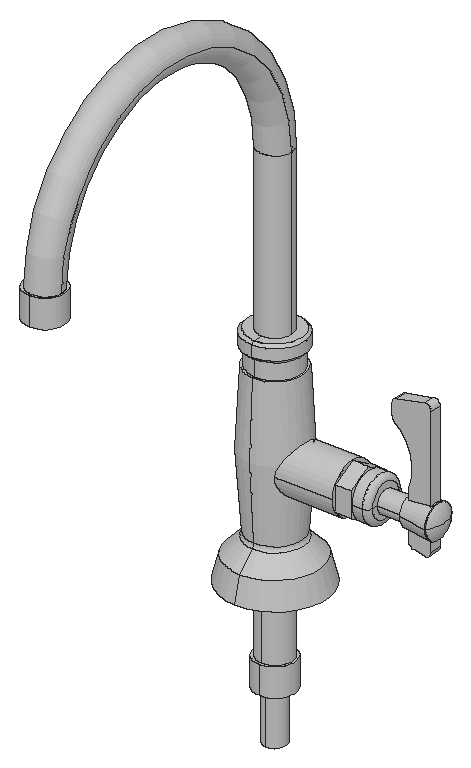
Revit family "Krowne_16-203L_DeckMount_Faucet", category Plumbing Fixtures, Revit 2018
Family settings
  Round Connector Dimension = Use Diameter
  Part Type = Normal
  OmniClass Number = 23.40.40.00
  OmniClass Title = Food Service Equipment and Furnishings
  Work Plane-Based = No
  Always vertical = Yes
  Cut with Voids When Loaded = No
  Shared = No
  Room Calculation Point = No
Parameters (values of type "DefaultType")
  Width = 4 5/8"
  Weight in Pounds = 5
  Watermarked By = ""
  Waste Water Discharge Temperature [instance] = -459.67 °F
  URL Cutsheet = ""
  URL = "https://krowne.com/"
  Status [instance] = ""
  Specification by User [instance] = ""
  Specification by Manufacturer [instance] = ""
  Serial Number [instance] = ""
  Revision Code [instance] = ""
  Plumbing Remarks [instance] = ""
  Plumbing Connection Type = ""
  NAFEM Spec ID Number [instance] = ""
  Model = "16-203L"
  Masterspec [instance] = ""
  Manufacturer = "Krowne Metal"
  KCLRef = "KCL2C9,,0004c5a9-0000-0000-0000-000000000307,KR,16-203L ,637255771799096115,796f822f-ef88-457f-ad7b-e13288d376ed,3f9bf8f3-8d2c-4f70-8f4c-d8dcbb9fa4d6"
  KCL SpecSheet URL = "http://kclweb.kclcad.com/imagehandler.ashx?kdoc=16-2xxl&R=KR&M=16-203L%20&VC=7&TID=KCLWeb&T=doc"
  Item Number [instance] = "-"
  Installed By [instance] = ""
  Hot Water Temperature = 100 °F
  Height = 3 3/8"
  Furnished By [instance] = ""
  Foodservice Equipment Identifier = yes
  Description = "Deck Mount Faucet"
  Depth = 4 7/16"
  Cold Water Temperature Recommended = -459.67 °F
  Cold Water Size = 1/2"
  Cold Water RI Height [instance] = 0"
  Cold Water Minimum Pressure = 0.00 psi
  Cold Water Maximum Pressure = 0.00 psi
  Cold Water Flow = 1.8 GPM
  Cold Water Consumption = ""
  Cold Water Connection Height = 0"
  CSI MasterFormat = ""
  Assembly Code = "E1090300"
Reference planes (in)
  plane 1 "BACK": y = 0.1875
  plane 2: z = 0
  plane 3 "LEFT": x = -13.69073
  plane 4 "CENTER L/R": x = -12.56573
  plane 5: y = -0.9375
  plane 6: z = 12.4375
  plane 7 "Faucet Lip": z = 8.1875
  plane 8: y = -7.4375
  plane 9: z = 5.125
  plane 10: x = -8.87823
Forms (in)
  Extrusion 1, solid, material "QF_Stainless-Polished"
    sketch origin (0, 0, 8.1875) x (0, 1, 0) y (-1, 0, 0)
      loop
        circle (-7.4375, 12.56573) r 0.375
      loop
        circle (-7.4375, 12.56573) r 0.4375
    from 0 to 0.625
  Sweep 2, solid, material "QF_Stainless-Polished"
    path origin (-12.56573, 0, 0) x (0, 1, 0) y (0, 0, 1)
      loop
        line (-0.9375, 5.125) -> (-0.9375, 8.8125)
        arc (-0.9375, 8.8125) -> (-4.1875, 12.0625) -> (-7.4375, 8.8125) r 3.25
        line (-7.4375, 8.8125) -> (-7.4375, 8.1875)
    profile origin (-12.56573, -0.9375, 6.96875) x (0, -1, 0) y (1, 0, 0)
      loop
        circle (0, 0) r 0.375
Lines and regions (in)
  symbolic lines
    curve 1: arc (-12.56573, -1.3125, 0) -> (-12.94073, -0.9375, 0) -> (-12.56573, -0.5625, 0) r 0.375
    curve 2: arc (-12.56573, -0.5625, 0) -> (-12.19073, -0.9375, 0) -> (-12.56573, -1.3125, 0) r 0.375
    curve 3: arc (-12.94073, -7.4375, 0) -> (-12.83089, -7.70267, 0) -> (-12.56573, -7.8125, 0) r 0.375
    curve 4: arc (-12.56573, -7.8125, 0) -> (-12.30056, -7.70267, 0) -> (-12.19073, -7.4375, 0) r 0.375
    curve 5: line (-12.94073, -7.4375, 0) -> (-12.94073, -0.9375, 0)
    curve 6: line (-12.19073, -0.9375, 0) -> (-12.19073, -7.4375, 0)
Dimensions and locks (in)
  plane 8 to plane 5 = 6 1/2"
  plane 7 "Faucet Lip" to plane 9 = 3 1/16"
  plane 5 to plane 1 "BACK" = 1 1/8"
  plane 6 to plane 9 = 7 5/16"
  plane 3 "LEFT" to plane 10 = 4 13/16"
  aligned and locked: level to plane 2
  aligned and locked: plane 5 to nested 1
  aligned and locked: Sweep 2 sketch curve to plane 8
Nested families (in)
  nested 1: "QF_Krowne_16-2_Body" at (-0.1875, 0.1875, 0), type "QF_Krowne_16-2_Body"
Connectors (in)
  piping at (-12.56573, -0.9375, -3.25), diameter 0.5, driven by "Cold Water Flow", driven by "Cold Water Size"
    settings: on nested 1, index 1, connector inside diameter 24", connector length 0", flow factor 0, pipe flow 1.8 GPM, pressure drop 0.00 psi, fitting loss kfactor 0, connector angle 0.00°, fixture units 0, engagement length 0", angle of deflection 0.00°, flow configuration 1, flow direction 1, fitting loss method 0, system type 20, joint type 0, gender type 0, connector reference index -1, connector utility 0, adjustable connector no, is connector primary yes, connector description ""
Definition of nested family "QF_Krowne_16-2_Body"
  Parameters (values of type "QF_Krowne_16-2_Body")
    Width = 2 1/4"
    Watermarked By = ""
    Height = 3 7/8"
    Description = ""
    Depth = 2 1/4"
  Reference planes (in)
    plane 1 "BACK": y = 0
    plane 2: z = 0
    plane 3 "LEFT": x = -13.50323
    plane 4 "RIGHT": x = -11.25323
    plane 5 "Center": x = -12.37823
    plane 6 "FRONT": y = -2.25
    plane 7 "Faucet Handle Center": y = -1.125
    plane 8: z = 4.375
    plane 9: z = 4.75
    plane 10 "TOP": z = 5.125
    plane 11: z = 2.5
    plane 12: x = -10.56573
    plane 13: x = -8.69073
  Forms (in)
    Revolve 1, solid
      sketch origin (-12.37823, 0, 0) x (0, 1, 0) y (0, 0, 1)
        loop
          line (-1.125, 0) -> (0, 0) -> (-0.13978, 0.55911) -> (-0.49693, 0.91626)
          arc (-0.49693, 0.91626) -> (-0.5271, 0.96505) -> (-0.5323, 1.02217) r 0.125
          arc (-0.5323, 1.02217) -> (-0.40613, 2.69753) -> (-0.5, 4.375) r 12.82782
          line (-0.5, 4.375) -> (-1.125, 4.375) -> (-1.125, 0)
        axis (-1.125, 0) -> (-1.125, 4.375)
      angle from 0 to 360
    Revolve 2, solid
      sketch origin (-12.37823, 0, 0) x (0, 1, 0) y (0, 0, 1)
        loop
          line (-1.125, 5.125) -> (-1.125, 4.375) -> (-0.5625, 4.375) -> (-0.5625, 4.75) -> (-0.53067, 4.75) -> (-0.46817, 4.8125) -> (-0.46817, 5.0625) -> (-0.53067, 5.125) -> (-1.125, 5.125)
        axis (-1.125, 4.375) -> (-1.125, 5.125)
      angle from 0 to 360
    Extrusion 3, solid
      sketch origin (-12.37823, 0, 0) x (0, 1, 0) y (0, 0, 1)
        loop
          circle (-1.125, 2.5) r 0.5625
      from 0 to 1.75
    Revolve 4, solid
      sketch origin (-12.37823, 0, 0) x (0, 1, 0) y (0, 0, 1)
        loop
          line (-1.125, 0) -> (-1.125, -3.0198) -> (-0.9375, -3.0198) -> (-0.9375, -3.25) -> (-0.875, -3.25) -> (-0.875, -2.125) -> (-0.6875, -2.125) -> (-0.6875, -1.5) -> (-0.75, -1.5) -> (-0.75, 0) -> (-1.125, 0)
        axis (-1.125, 0) -> (-1.125, -3.25)
      angle from 0 to 360
  Lines and regions (in)
    symbolic lines
      curve 1: line (-10.62823, -0.5625, 1.0625) -> (-10.62823, -1.6875, 1.0625)
      curve 2: circle (-12.37823, -1.125, 0) r 1.125 normal (0, 0, 1)
      curve 3: circle (-12.37823, -1.125, 0) r 0.75 normal (0, 0, 1)
      curve 4: circle (-12.37823, -1.125, 0) r 0.59433 normal (0, 0, 1)
      curve 5: line (-10.62823, -0.5625, 0) -> (-11.40395, -0.5625, 0)
      curve 6: line (-10.62823, -1.6875, 0) -> (-11.40395, -1.6875, 0)
  Dimensions and locks (in)
    "Width": plane 3 "LEFT" to plane 4 "RIGHT"
    equal spacing: plane 3 "LEFT", plane 5 "Center", plane 4 "RIGHT"
    equal spacing: plane 6 "FRONT", plane 7 "Faucet Handle Center", plane 1 "BACK"
    "Depth": plane 6 "FRONT" to plane 1 "BACK"
    equal spacing: plane 10 "TOP", plane 9, plane 8
    locked: plane 10 "TOP" to plane 8 at 0.75
    plane 10 "TOP" to level = 5 1/8"
    plane 11 to level = 2 1/2"
    locked: plane 4 "RIGHT" to plane 12 at 0.6875
    plane 12 to plane 13 = 1 7/8"
    plane 3 "LEFT" to plane 13 = 4 13/16"
    aligned and locked: level to plane 2
    aligned and locked: plane 7 "Faucet Handle Center" to Revolve 1 sketch curve
    aligned and locked: Revolve 2 sketch curve to plane 7 "Faucet Handle Center"
    aligned and locked: Revolve 2 sketch curve to plane 8
    aligned and locked: plane 11 to nested 1
    aligned and locked: plane 7 "Faucet Handle Center" to nested 1
  Automatic sketch dimensions
    Revolve 2 sketch curve to plane 7 "Faucet Handle Center" = 0"
    Revolve 2 sketch curve to plane 9 = 0"
    Revolve 2 sketch curve to plane 10 "TOP" = 0"  (x2)
    Revolve 2 sketch curve to plane 8 = 0"
    plane 1 "BACK" to Revolve 2 sketch curve = 9/16"
    Revolve 2 sketch curve to Revolve 2 sketch curve = 0.03183"
    plane 1 "BACK" to Revolve 2 sketch curve = 0.53067"
    Revolve 2 sketch curve to Revolve 2 sketch curve = 1/16"
    plane 9 to Revolve 2 sketch curve = 1/16"
    Revolve 2 sketch curve to plane 10 "TOP" = 1/16"
    Extrusion 3 sketch curve to plane 7 "Faucet Handle Center" = 0"
    Extrusion 3 sketch curve to plane 11 = 0"
    curve 1 to plane 6 "FRONT" = 9/16"
    Revolve 1 sketch curve to level = 0"  (x2)
    Revolve 1 sketch curve to plane 7 "Faucet Handle Center" = 0"
    Revolve 1 sketch curve to plane 8 = 0"  (x2)
    Revolve 1 sketch curve to plane 1 "BACK" = 0"
    plane 11 to Revolve 1 sketch curve = 0.32111"
    plane 1 "BACK" to Revolve 1 sketch curve = 0.40854"
    plane 1 "BACK" to Revolve 1 sketch curve = 0.13978"
    level to Revolve 1 sketch curve = 0.55911"
    Revolve 1 sketch curve to Revolve 1 sketch curve = 0.44554"
    Revolve 1 sketch curve to Revolve 1 sketch curve = 0.12376"
    Revolve 1 sketch curve to Revolve 1 sketch curve = 0"
    Revolve 1 sketch curve to Revolve 1 sketch curve = 0.03538"
    Revolve 1 sketch curve to Revolve 1 sketch curve = 0.10592"
    curve 2 to curve 3 = 0"
    curve 2 to curve 4 = 0"  (x2)
    curve 3 to curve 4 = 0"
    curve 3 to plane 5 "Center" = 0"
    plane 7 "Faucet Handle Center" to curve 4 = 0"
    curve 5 to plane 4 "RIGHT" = 0.15072"
    curve 6 to plane 4 "RIGHT" = 0.15072"
    curve 6 to plane 12 = 1/16"
    curve 5 to plane 12 = 1/16"
    plane 1 "BACK" to curve 5 = 9/16"
    plane 1 "BACK" to curve 1 = 9/16"
    curve 1 to plane 12 = 1/16"
    Revolve 4 sketch curve to level = 0"  (x2)
    Revolve 4 sketch curve to plane 7 "Faucet Handle Center" = 0"  (x2)
    Revolve 4 sketch curve to plane 7 "Faucet Handle Center" = 3/8"
    Revolve 4 sketch curve to Revolve 4 sketch curve = 1/16"  (x2)
    Revolve 4 sketch curve to level = 1 1/2"
    Revolve 4 sketch curve to Revolve 4 sketch curve = 5/8"
    Revolve 4 sketch curve to Revolve 4 sketch curve = 3/16"
    Revolve 4 sketch curve to Revolve 4 sketch curve = 0.8948"
    Revolve 4 sketch curve to Revolve 4 sketch curve = 0.2302"  (x2)
    radius of Extrusion 3 sketch curve = 9/16"
    radius of curve 3 = 3/4"
    radius of curve 4 = 0.59433"
  Nested families (in)
    nested 1: "QF_Krowne_Faucet_Knob" at (-2.25, -0.21875, 2.5), type "QF_Krowne_Faucet_Knob"
  Definition of nested family "QF_Krowne_Faucet_Knob"
    Parameters (values of type "QF_Krowne_Faucet_Knob")
      Width = 12 3/4"
      Watermarked By = ""
      Height = 3 7/8"
      Description = ""
      Depth = 1 13/16"
    Reference planes (in)
      plane 1 "BACK": y = 0
      plane 2: z = 0
      plane 3 "Right of Handle": x = -8.37823
      plane 4 "FRONT": y = -1.8125
      plane 5 "Faucet Handle Center": y = -0.90625
      plane 6: y = -0.78125
      plane 7: y = -1.03125
    Forms (in)
      Extrusion 1, solid
        sketch origin (-8.37823, 0, 8.37823) x (0, 1, 0) y (0, 0, 1)
          loop
            line (-0.90625, -7.81573) -> (-1.39339, -8.09698) -> (-1.39339, -8.65948) -> (-0.90625, -8.94073) -> (-0.41911, -8.65948) -> (-0.41911, -8.09698) -> (-0.90625, -7.81573)
        from 0 to 0.375
      Revolve 2, solid
        sketch origin (-12.37823, 0, 0) x (0, 1, 0) y (-1, 0, 0)
          loop
            line (-0.90625, -4.375) -> (-0.90625, -4.75) -> (-0.53125, -4.75)
            arc (-0.53125, -4.75) -> (-0.44286, -4.71339) -> (-0.40625, -4.625) r 0.125
            line (-0.40625, -4.625) -> (-0.40625, -4.375) -> (-0.90625, -4.375)
          axis (-0.90625, -4.375) -> (-0.90625, -4.75)
        angle from 0 to 360
      Revolve 3, solid
        sketch origin (-12.37823, 0, 0) x (0, 1, 0) y (-1, 0, 0)
          loop
            line (-0.90625, -4.75) -> (-0.90625, -5.3125) -> (-0.65625, -5.3125) -> (-0.65625, -4.75) -> (-0.90625, -4.75)
          axis (-0.90625, -4.75) -> (-0.90625, -5.3125)
        angle from 0 to 360
      Revolve 4, solid
        sketch origin (-12.37823, 0, 0) x (0, 1, 0) y (-1, 0, 0)
          loop
            line (-0.90625, -5.3125) -> (-0.90625, -5.9375) -> (-0.53125, -5.9375) -> (-0.59375, -5.3125) -> (-0.90625, -5.3125)
          axis (-0.90625, -5.3125) -> (-0.90625, -5.9375)
        angle from 0 to 360
      Revolve 5, solid
        sketch origin (-12.37823, 0, 0) x (0, 1, 0) y (-1, 0, 0)
          loop
            line (-0.90625, -5.9375) -> (-0.90625, -6.0625)
            arc (-0.90625, -6.0625) -> (-0.70704, -6.03513) -> (-0.53125, -5.9375) r 0.54601
            line (-0.53125, -5.9375) -> (-0.90625, -5.9375)
          axis (-0.90625, -5.9375) -> (-0.90625, -6.0625)
        angle from 0 to 360
      Extrusion 6, solid
        sketch origin (-12.37823, -0.90625, 8.37823) x (0, 0, 1) y (-1, 0, 0)
          loop
            arc (-6.12823, -5.875) -> (-6.03156, -5.82925) -> (-6.00565, -5.72549) r 0.125
            line (-6.00565, -5.72549) -> (-6.13064, -5.10053)
            arc (-6.13064, -5.10053) -> (-6.17396, -5.02837) -> (-6.25321, -5.00004) r 0.125
            line (-6.25321, -5.00004) -> (-6.5031, -5.00004)
            arc (-6.5031, -5.00004) -> (-6.55588, -5.01173) -> (-6.59879, -5.04462) r 0.125
            arc (-6.59879, -5.04462) -> (-7.17151, -5.40979) -> (-7.85017, -5.38199) r 1.13354
            arc (-7.85017, -5.38199) -> (-7.871, -5.37648) -> (-7.89247, -5.37462) r 0.125
            line (-7.89247, -5.37462) -> (-8.92568, -5.37462)
            arc (-8.92568, -5.37462) -> (-9.00493, -5.40295) -> (-9.04825, -5.47511) r 0.125
            line (-9.04825, -5.47511) -> (-9.09832, -5.72549)
            arc (-9.09832, -5.72549) -> (-9.07242, -5.82925) -> (-8.97575, -5.875) r 0.125
            line (-8.97575, -5.875) -> (-6.12823, -5.875)
        from -0.125 to 0.125
    Lines and regions (in)
      symbolic lines
        curve 1: line (-8.37823, -1.39339, 1.0625) -> (-8.37823, -0.41911, 1.0625)
        curve 2: line (-8.00323, -0.41911, 1.0625) -> (-8.00323, -1.39339, 1.0625)
        curve 3: line (-7.62823, -0.54411, 1.0625) -> (-7.62823, -1.26839, 1.0625)
        curve 4: line (-7.75323, -0.41911, 1.0625) -> (-8.37823, -0.41911, 1.0625)
        curve 5: line (-8.37823, -1.39339, 1.0625) -> (-7.75323, -1.39339, 1.0625)
        curve 6: line (-7.06573, -0.59375, 1.0625) -> (-7.06573, -1.21875, 1.0625)
        curve 7: line (-6.44073, -0.53125, 1.0625) -> (-6.44073, -1.28125, 1.0625)
        curve 8: arc (-7.62823, -0.54411, 1.0625) -> (-7.66484, -0.45572, 1.0625) -> (-7.75323, -0.41911, 1.0625) r 0.125
        curve 9: arc (-7.75323, -1.39339, 1.0625) -> (-7.66484, -1.35678, 1.0625) -> (-7.62823, -1.26839, 1.0625) r 0.125
        curve 10: line (-7.06573, -0.59375, 1.0625) -> (-6.44073, -0.53125, 1.0625)
        curve 11: line (-7.06573, -1.21875, 1.0625) -> (-6.44073, -1.28125, 1.0625)
        curve 12: arc (-6.44073, -1.28125, 1.0625) -> (-6.2854, -0.90625, 1.0625) -> (-6.44073, -0.53125, 1.0625) r 0.53035
        curve 13: line (-7.62823, -0.66911, 1.0625) -> (-7.06573, -0.66911, 1.0625)
        curve 14: line (-7.62823, -1.14339, 1.0625) -> (-7.06573, -1.14339, 1.0625)
    Dimensions and locks (in)
      equal spacing: plane 4 "FRONT", plane 5 "Faucet Handle Center", plane 1 "BACK"
      equal spacing: plane 7, plane 5 "Faucet Handle Center", plane 6
      locked: plane 7 to plane 6 at 0.25
      "Depth": plane 4 "FRONT" to plane 1 "BACK"
      aligned and locked: level to plane 2
      aligned and locked: Revolve 2 sketch curve to Extrusion 1
      aligned and locked: Revolve 4 sketch curve to Revolve 4 sketch curve
    Automatic sketch dimensions
      Extrusion 1 sketch curve to plane 5 "Faucet Handle Center" = 0"  (x2)
      Extrusion 1 sketch curve to level = 9/32"  (x2)
      plane 7 to Extrusion 1 sketch curve = 0.36214"
      Extrusion 1 sketch curve to plane 6 = 0.36214"
      Extrusion 1 sketch curve to level = 9/16"
      level to Extrusion 1 sketch curve = 9/32"  (x2)
      Extrusion 1 sketch curve to Extrusion 1 sketch curve = 9/32"
      plane 5 "Faucet Handle Center" to Revolve 2 sketch curve = 0"  (x2)
      Revolve 2 sketch curve to plane 6 = 1/4"
      Revolve 2 sketch curve to Revolve 2 sketch curve = 1/8"
      Revolve 2 sketch curve to Revolve 2 sketch curve = 0"  (x2)
      Revolve 2 sketch curve to Revolve 2 sketch curve = 1/4"
      plane 5 "Faucet Handle Center" to Revolve 3 sketch curve = 0"  (x2)
      Revolve 3 sketch curve to plane 6 = 1/8"
      plane 3 "Right of Handle" to Revolve 3 sketch curve = 1 5/16"
      Revolve 3 sketch curve to Revolve 3 sketch curve = 9/16"
      Revolve 3 sketch curve to Revolve 3 sketch curve = 0"
      Revolve 3 sketch curve to Revolve 3 sketch curve = 3/8"
      plane 5 "Faucet Handle Center" to Revolve 4 sketch curve = 0"
      Revolve 4 sketch curve to plane 6 = 3/16"
      Revolve 4 sketch curve to plane 6 = 1/4"
      plane 3 "Right of Handle" to Revolve 4 sketch curve = 1 15/16"
      Revolve 4 sketch curve to Revolve 4 sketch curve = 5/8"
      Revolve 4 sketch curve to Revolve 4 sketch curve = 0"  (x2)
      plane 5 "Faucet Handle Center" to Revolve 5 sketch curve = 0"  (x2)
      Revolve 5 sketch curve to plane 5 "Faucet Handle Center" = 0.02655"
      Revolve 5 sketch curve to plane 6 = 1/4"
      plane 3 "Right of Handle" to Revolve 5 sketch curve = 2 1/16"
      Revolve 5 sketch curve to Revolve 5 sketch curve = 1/8"
      Revolve 5 sketch curve to Revolve 5 sketch curve = 0"  (x2)
      Extrusion 6 sketch curve to level = 0.7201"
      Extrusion 6 sketch curve to Extrusion 6 sketch curve = 0.05007"
      Extrusion 6 sketch curve to Extrusion 6 sketch curve = 0.12257"  (x4)
      level to Extrusion 6 sketch curve = 0.48575"
      level to Extrusion 6 sketch curve = 0.91165"
      Extrusion 6 sketch curve to Extrusion 6 sketch curve = 0.96348"
      Extrusion 6 sketch curve to Extrusion 6 sketch curve = 0.24989"
      Extrusion 6 sketch curve to Extrusion 6 sketch curve = 1/8"  (x3)
      plane 3 "Right of Handle" to Extrusion 6 sketch curve = 1 7/8"
      Extrusion 6 sketch curve to Extrusion 6 sketch curve = 0.25038"
      Extrusion 6 sketch curve to Extrusion 6 sketch curve = 0"  (x3)
      Extrusion 6 sketch curve to Extrusion 6 sketch curve = 0.02451"  (x2)
      Extrusion 6 sketch curve to Extrusion 6 sketch curve = 0.62496"
      Extrusion 6 sketch curve to Extrusion 6 sketch curve = 1.05929"
      curve 5 to plane 3 "Right of Handle" = 0"
      plane 5 "Faucet Handle Center" to curve 12 = 0"
      plane 7 to curve 11 = 3/16"
      plane 7 to curve 9 = 0.23714"
      plane 7 to curve 7 = 1/4"
      plane 7 to curve 1 = 0.36214"
      curve 6 to plane 6 = 3/16"
      curve 8 to plane 6 = 0.23714"
      curve 4 to plane 6 = 0.36214"
      curve 4 to curve 1 = 5/8"
      curve 10 to curve 8 = 9/16"
      curve 12 to curve 13 = 0.24997"
      curve 7 to curve 12 = 0.37503"
      curve 6 to curve 14 = 0.07536"
      curve 13 to plane 6 = 0.11214"
      curve 4 to curve 2 = 1/4"
